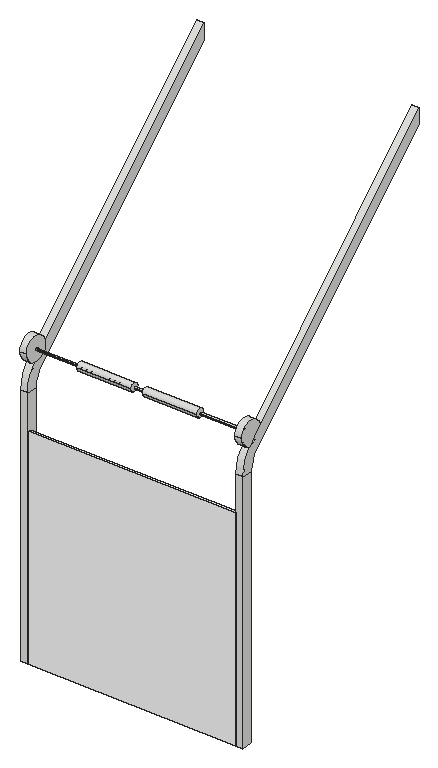
Revit family "Cruiserweight-LH-1212P", category Generic Models, host Wall, Revit 2023
Family settings
  Host = Wall
  Can host rebar = No
  Round Connector Dimension = Use Diameter
  Part Type = Normal
  Always vertical = Yes
  Cut with Voids When Loaded = Yes
  Maintain Annotation Orientation = No
  Shared = No
  Room Calculation Point = No
Parameters (values of type "9' x 9'")
  VerticalTrack = TrackHeight - (1' 6")  # 10' - 6"
  Type Comments = "Insulated"  # constant formula
  TrackWidth = 0' - 3 1/2"
  TrackHeight = OpeningHeight + HeadRoom  # 12' - 0"
  TrackDepth = 0' - 5 3/8"
  PanelSize = 2' - 0"  # constant formula
  OpeningWidth = 9' - 0"
  OpeningHeight = 9' - 0"
  Model = "Cruiserweight"  # constant formula
  Manufacturer = "TKO"  # constant formula
  HorizTrack = OpeningHeight - HeadRoom + 2' 0"  # 8' - 0"
  HeadRoom = 3' - 0"  # constant formula
  DoorThk = 0' - 1 3/4"  # constant formula
  Description = "Sectional Door"  # constant formula
  Default Elevation = 0' - 0"
Types (16): name | VerticalTrack | TrackHeight | TrackDepth | OpeningWidth | OpeningHeight | HorizTrack
  (no name) | 10' - 6" | 12' - 0" | 0' - 5 3/8" | 9' - 0" | 9' - 0" | 8' - 0"
  8' x 10' | 11' - 6" | 13' - 0" | 0' - 5 3/8" | 8' - 0" | 10' - 0" | 9' - 0"
  9' x 10' | 11' - 6" | 13' - 0" | 0' - 5 3/8" | 9' - 0" | 10' - 0" | 9' - 0"
  10' x 10' | 11' - 6" | 13' - 0" | 0' - 5 3/8" | 10' - 0" | 10' - 0" | 9' - 0"
  10' x 11' | 12' - 6" | 14' - 0" | 0' - 5 5/8" | 10' - 0" | 11' - 0" | 10' - 0"
  9' x 11' | 12' - 6" | 14' - 0" | 0' - 5 3/8" | 9' - 0" | 11' - 0" | 10' - 0"
  8' x 11' | 12' - 6" | 14' - 0" | 0' - 5 3/8" | 8' - 0" | 11' - 0" | 10' - 0"
  10' x 12' | 13' - 6" | 15' - 0" | 0' - 5 3/8" | 10' - 0" | 12' - 0" | 11' - 0"
  8' x 12' | 13' - 6" | 15' - 0" | 0' - 5 3/8" | 8' - 0" | 12' - 0" | 11' - 0"
  9' x 12' | 13' - 6" | 15' - 0" | 0' - 5 3/8" | 9' - 0" | 12' - 0" | 11' - 0"
  10' x 8' | 9' - 6" | 11' - 0" | 0' - 5 3/8" | 10' - 0" | 8' - 0" | 7' - 0"
  10' x 9' | 10' - 6" | 12' - 0" | 0' - 5 3/8" | 10' - 0" | 9' - 0" | 8' - 0"
  8' x 9' | 10' - 6" | 12' - 0" | 0' - 5 3/8" | 8' - 0" | 9' - 0" | 8' - 0"
  8' x 8' | 9' - 6" | 11' - 0" | 0' - 5 3/8" | 8' - 0" | 8' - 0" | 7' - 0"
  9' x 9' | 10' - 6" | 12' - 0" | 0' - 5 3/8" | 9' - 0" | 9' - 0" | 8' - 0"
  9' x 8' | 10' - 6" | 12' - 0" | 0' - 5 3/8" | 9' - 0" | 9' - 0" | 8' - 0"
Reference planes (in)
  plane 1: y = 0
  plane 2 "Center (Left/Right)": x = 0
  plane 3 "Wall Edge": y = 3
  plane 4: x = -54
  plane 5: x = 54
  plane 6: z = 108
  plane 7: y = 3
  plane 8: y = 4.75
  plane 9: z = 24
  plane 10: z = 48
  plane 11: z = 72
  plane 12: x = -57.5
  plane 13: x = 57.5
  plane 14: y = 8.375
  plane 15: z = 144
  plane 16: z = 96
  plane 17: z = 120
  plane 18: x = -3
  plane 19: x = 3
  plane 20: x = 31
  plane 21: x = -31
  plane 22: z = 126
  plane 23: y = 21
  plane 24: y = 117
  plane 25: y = 12
Forms (in)
  Extrusion 1, void
    sketch origin (0, 3, 0) x (1, 0, 0) y (0, 0, 1)
      loop
        line (54, 108) -> (-54, 108) -> (-54, 0) -> (54, 0) -> (54, 108)
    from 0 to 6
  Extrusion 2, solid, material "DOOR PANEL"
    sketch origin (0, 0, 0) x (1, 0, 0) y (0, 1, 0)
      loop
        line (-54, 4.75) -> (-54, 3) -> (54, 3) -> (54, 4.75) -> (-54, 4.75)
    from 0 to 108
  Extrusion 3, solid, material "Steel"
    sketch origin (0, 0, 0) x (1, 0, 0) y (0, 1, 0)
      loop
        line (-57.5, 8.375) -> (-57.5, 3) -> (-54, 3) -> (-54, 8.375) -> (-57.5, 8.375)
      loop
        line (54, 8.375) -> (54, 3) -> (57.5, 3) -> (57.5, 8.375) -> (54, 8.375)
    from 0 to 126
  Extrusion 4, solid, material "Steel"
    sketch origin (0, 0, 0) x (0, 1, 0) y (0, 0, 1)
      loop
        circle (8.375, 144) r 6
    from 54 to 57.5
  Extrusion 5, solid, material "Steel"
    sketch origin (0, -23.79385, 16.89702) x (0, 1, 0) y (0, 0, -1)
      loop
        circle (32.16885, -127.10298) r 6
    from 54 to 57.5
  Extrusion 6, solid, material "Steel"
    sketch origin (0, 0, 0) x (0, 1, 0) y (0, 0, 1)
      loop
        circle (8.375, 144) r 0.5
    from -54 to 54
  Extrusion 7, solid, material "Steel"
    sketch origin (0, 0, 0) x (0, 1, 0) y (0, 0, 1)
      loop
        circle (8.375, 144) r 2
    from 3 to 31
  Extrusion 8, solid, material "Steel"
    sketch origin (0, 0, 0) x (0, 1, 0) y (0, 0, -1)
      loop
        circle (8.375, -144) r 2
    from 3 to 31
  Extrusion 9, solid, material "Steel"
    sketch origin (0, 0, 0) x (0, 1, 0) y (0, 0, 1)
      loop
        arc (8.397, 126) -> (9.33226, 130.77859) -> (12, 134.852) r 12.6755
        line (12, 134.852) -> (117, 239.852) -> (117, 247.45404) -> (8.42432, 138.87836)
        arc (8.42432, 138.87836) -> (4.42712, 132.98283) -> (3.02178, 126) r 18.05074
        line (3.02178, 126) -> (8.397, 126)
    from 54 to 57.5
  Extrusion 10, solid, material "Steel"
    sketch origin (0, 0, 0) x (0, 1, 0) y (0, 0, -1)
      loop
        line (8.397, -126) -> (3.02178, -126)
        arc (3.02178, -126) -> (4.42712, -132.98283) -> (8.42432, -138.87836) r 18.05074
        line (8.42432, -138.87836) -> (117, -247.45404) -> (117, -239.852) -> (12, -134.852)
        arc (12, -134.852) -> (9.33226, -130.77859) -> (8.397, -126) r 12.6755
    from 54 to 57.5
Cuts and joins
  joined: Extrusion 3, Extrusion 4, Extrusion 5
Lines and regions (in)
  model lines
    curve 1: line (54, 3, 24) -> (-54, 3, 24)
    curve 2: line (-54, 3, 48) -> (54, 3, 48)
    curve 3: line (54, 3, 72) -> (-54, 3, 72)
    curve 4: line (54, 3, 96) -> (-54, 3, 96)
    curve 5: line (54, 3, 120) -> (-54, 3, 120)
Text (in)
  text "Placement Side" at (0, 40.15149, 123.01588), in view "Right"
  text "Placement Side" at (-70.3804, 83.26548, 0), in view "Ref. Level"
  text "Placement Side" at (0, 81.62555, 140.59947), in view "Left"
Dimensions and locks (in)
  locked: plane 3 "Wall Edge" to host wall
  equal spacing: plane 5, plane 2 "Center (Left/Right)", plane 4
  "OpeningWidth": plane 5 to plane 4
  "DoorThk": plane 7 to plane 8
  "TrackDepth": plane 14 to plane 7
  "TrackWidth": plane 12 to plane 4
  "TrackWidth": plane 5 to plane 13
  "PanelSize": plane 9 to level
  equal spacing: plane 17, plane 16, plane 11, plane 10, plane 9, level
  "OpeningHeight": level to plane 6
  equal spacing: plane 18, plane 2 "Center (Left/Right)", plane 19, locked at 3 each
  locked: plane 21 to plane 18 at 28
  locked: plane 19 to plane 20 at 28
  "VerticalTrack": level to plane 22
  "HeadRoom": plane 6 to plane 15
  locked: plane 7 to plane 23 at 18
  "HorizTrack": plane 24 to plane 23
  locked: plane 7 to plane 25 at 9
  radius of Extrusion 4 sketch curve = 0' - 6"
  radius of Extrusion 5 sketch curve = 0' - 6"
  radius of Extrusion 6 sketch curve = 0' - 0 1/2"
  radius of Extrusion 7 sketch curve = 0' - 2"
  radius of Extrusion 8 sketch curve = 0' - 2"
  radius of Extrusion 9 sketch curve = 1' - 6.05074"
  radius of Extrusion 9 sketch curve = 1' - 0.6755"
  radius of Extrusion 10 sketch curve = 1' - 6.05074"
  radius of Extrusion 10 sketch curve = 1' - 0.6755"
  locked: plane 22 to Extrusion 9 sketch curve (angle 45.00°)  (x2)
  aligned and locked: host wall to plane 7
  aligned and locked: Extrusion 1 sketch curve to plane 5
  aligned and locked: Extrusion 1 sketch curve to plane 4
  aligned and locked: Extrusion 1 to plane 7
  aligned and locked: host wall to Extrusion 1
  aligned and locked: Extrusion 2 to plane 3 "Wall Edge"
  aligned and locked: plane 8 to Extrusion 2
  aligned and locked: Extrusion 2 to plane 6
  aligned and locked: Extrusion 3 sketch curve to plane 14  (x2)
  aligned and locked: Extrusion 3 sketch curve to plane 12
  aligned and locked: curve 1 to Extrusion 3 sketch curve
  aligned and locked: plane 5 to Extrusion 3 sketch curve
  aligned and locked: Extrusion 3 sketch curve to plane 7
  aligned and locked: Extrusion 3 sketch curve to plane 13
  aligned and locked: plane 15 to Extrusion 4 sketch curve
  aligned and locked: Extrusion 3 to Extrusion 4 sketch curve
  aligned and locked: Extrusion 4 to plane 13
  aligned and locked: Extrusion 4 to plane 5
  aligned and locked: plane 4 to Extrusion 5
  aligned and locked: Extrusion 5 to plane 12
  aligned and locked: curve 2 to plane 10
  aligned and locked: curve 3 to plane 11
  aligned and locked: curve 1 to plane 9
  aligned and locked: cut or joined group of Extrusion 3, Extrusion 4, Extrusion 5 to Extrusion 6 sketch curve
  aligned and locked: plane 5 to Extrusion 6
  aligned and locked: Extrusion 6 to plane 4
  aligned and locked: cut or joined group of Extrusion 3, Extrusion 4, Extrusion 5 to level
  aligned and locked: Extrusion 2 to level
  aligned and locked: curve 4 to plane 16
  aligned and locked: curve 5 to plane 17
  aligned and locked: level to Extrusion 2
  aligned and locked: Extrusion 1 sketch curve to level
  aligned and locked: Extrusion 1 sketch curve to plane 6
  aligned and locked: plane 15 to Extrusion 7 sketch curve
  aligned and locked: plane 14 to Extrusion 7 sketch curve
  aligned and locked: Extrusion 7 to plane 20
  aligned and locked: plane 19 to Extrusion 7
  aligned and locked: Extrusion 8 to plane 18
  aligned and locked: plane 21 to Extrusion 8
  aligned and locked: plane 15 to Extrusion 8 sketch curve
  aligned and locked: Extrusion 8 sketch curve to plane 14
  aligned and locked: plane 22 to cut or joined group of Extrusion 3, Extrusion 4, Extrusion 5
  aligned and locked: plane 22 to Extrusion 9 sketch curve
  aligned and locked: cut or joined group of Extrusion 3, Extrusion 4, Extrusion 5 to Extrusion 9
  aligned and locked: Extrusion 9 to plane 5
  aligned and locked: plane 13 to Extrusion 9
  aligned and locked: plane 5 to Extrusion 9  (x2)
  aligned and locked: plane 25 to Extrusion 9 sketch curve
  aligned and locked: plane 24 to Extrusion 9 sketch curve
  aligned and locked: Extrusion 9 to plane 13
  aligned and locked: Extrusion 10 to plane 24
  aligned and locked: plane 4 to Extrusion 10
  aligned and locked: Extrusion 10 to plane 12
  aligned and locked: Extrusion 10 sketch curve to Extrusion 9  (x2)
  aligned and locked: Extrusion 2 to plane 4
  aligned and locked: Extrusion 2 to plane 5
  aligned and locked: plane 15 to Extrusion 5 sketch curve
  aligned and locked: plane 14 to Extrusion 5 sketch curve
  aligned and locked: plane 4 to cut or joined group of Extrusion 3, Extrusion 4, Extrusion 5
Automatic sketch dimensions
  Extrusion 2 sketch curve to host wall = 0' - 0"
  Extrusion 2 sketch curve to plane 4 = 0' - 0"
  plane 5 to Extrusion 2 sketch curve = 0' - 0"
  Extrusion 2 sketch curve to plane 8 = 0' - 0"
  curve 3 to plane 4 = 0' - 0"
  curve 1 to plane 4 = 0' - 0"
  curve 2 to plane 4 = 0' - 0"
  curve 4 to plane 4 = 0' - 0"
  curve 5 to plane 4 = 0' - 0"
  curve 4 to plane 5 = 0' - 0"
  curve 2 to plane 5 = 0' - 0"
  curve 5 to plane 5 = 0' - 0"
  curve 1 to plane 5 = 0' - 0"
  curve 3 to plane 5 = 0' - 0"
  plane 4 to Extrusion 3 sketch curve = 0' - 0"
  Extrusion 3 sketch curve to plane 13 = 0' - 0"
  Extrusion 6 sketch curve to plane 15 = 0' - 0"
  plane 14 to Extrusion 9 sketch curve = 0' - 0.04932"
  plane 14 to Extrusion 9 sketch curve = 0' - 0.022"
  host wall to Extrusion 9 sketch curve = 0' - 0.02178"
  Extrusion 10 sketch curve to plane 22 = 0' - 0"
  Extrusion 10 sketch curve to plane 25 = 0' - 0"
  plane 24 to Extrusion 10 sketch curve = 0' - 0"
  host wall to Extrusion 10 sketch curve = 0' - 0.02178"
